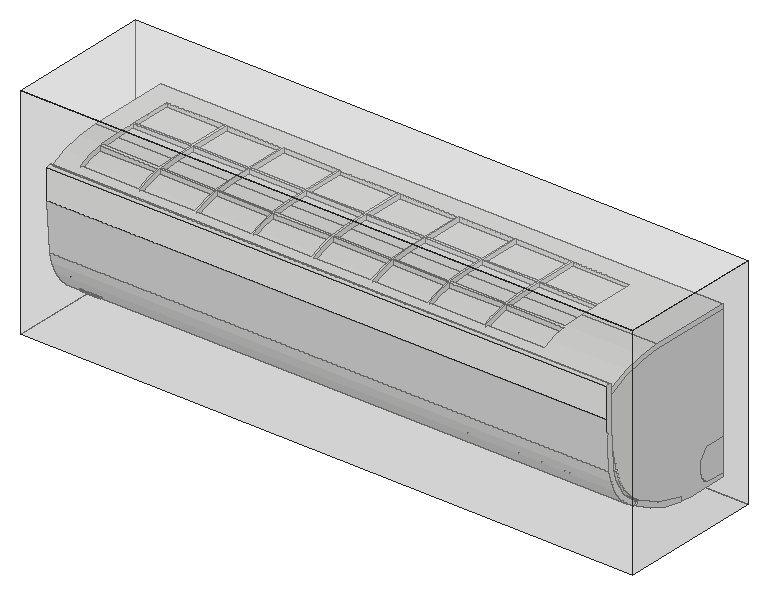
Revit family "outputfile", category 機械設備, Revit 2024
Family settings
  丸型コネクタ寸法 = 半径を使用
  パーツ タイプ = 標準
  OmniClass 番号 = 23.75.10.24.21.27.27
  OmniClass タイトル = Split System Air Conditioning Units
  作業面ベース = いいえ
  常に垂直 = はい
  ロード時にボイドで切り取り = いいえ
  注釈の向きを維持 = いいえ
  共有 = いいえ
  部屋計算ポイント = いいえ
Parameters (values of type "FXAQ40AVMS")
  Description = ""
  製造元 = "Daikin"
  書き出し IFC クラス(タイプ) = "IfcUnitaryEquipmentType"
  定義済み IFC タイプ(タイプ) = "AIRCONDITIONINGUNIT"
  Cost = 0
  モデル = "FXAQ40AVMS"
  Type Comments = ""
  Keynote = ""
  Type Image = (empty or 0)
  Assembly Code = ""
  w3_Indoor air flow = if(Width = 1050.0 mm, 109.0 mm, 1.0 mm)  # 109.0 mm
  w2_Indoor air flow = if(Width = 1050.0 mm, 103.0 mm, 98.0 mm)  # 103.0 mm
  w1_Indoor air flow = if(Width = 1050.0 mm, 108.0 mm, 103.0 mm)  # 108.0 mm
  r_Liquid Pipe Size = Liquid Pipe Size / 2  # 3.2 mm
  r_Gas Pipe Size = Gas Pipe Size / 2  # 6.35 mm
  r_Drain Pipe Size = Drain Pipe Size / 2  # 7.5 mm
  lw_powersupply [instance] = if(Width = 795.0 mm, if(or(Rear Right Connection_refrigerant, Bottom Right Connection_refrigerant), 83.0 mm, if(or(Rear Left Connection_refrigerant, Bottom Left Connection_refrigerant), 740.0 mm, 400.0 mm)), if(Width = 1050.0 mm, if(or(Rear Right Connection_refrigerant, Bottom Right Connection_refrigerant), 83.0 mm, if(or(Rear Left Connection_refrigerant, Bottom Left Connection_refrigerant), 712.0 mm + (1050.0 mm - 795.0 mm), 400.0 mm)), if(or(Rear Right Connection_refrigerant, Bottom Right Connection_refrigerant), 83.0 mm, if(or(Rear Left Connection_refrigerant, Bottom Left Connection_refrigerant), 712.0 mm, 400.0 mm))))  # 400.0 mm
  lw_liquidpipe [instance] = if(Width = 795.0 mm, if(or(Rear Right Connection_refrigerant, Bottom Right Connection_refrigerant), 0.0 mm, if(or(Rear Left Connection_refrigerant, Bottom Left Connection_refrigerant), 627.0 mm, 460.0 mm)), if(Width = 1050.0 mm, if(or(Rear Right Connection_refrigerant, Bottom Right Connection_refrigerant), 0.0 mm, if(or(Rear Left Connection_refrigerant, Bottom Left Connection_refrigerant), 627.0 mm + (1050.0 mm - 795.0 mm), 460.0 mm)), if(or(Rear Right Connection_refrigerant, Bottom Right Connection_refrigerant), 0.0 mm, if(or(Rear Left Connection_refrigerant, Bottom Left Connection_refrigerant), 627.0 mm, 460.0 mm))))  # 460.0 mm
  lw_gaspipe [instance] = if(Width = 795.0 mm, if(or(Rear Right Connection_refrigerant, Bottom Right Connection_refrigerant), 0.0 mm, if(or(Rear Left Connection_refrigerant, Bottom Left Connection_refrigerant), 620.0 mm, 415.0 mm)), if(Width = 1050.0 mm, if(or(Rear Right Connection_refrigerant, Bottom Right Connection_refrigerant), 0.0 mm, if(or(Rear Left Connection_refrigerant, Bottom Left Connection_refrigerant), 620.0 mm + (1050.0 mm - 795.0 mm), 415.0 mm)), if(or(Rear Right Connection_refrigerant, Bottom Right Connection_refrigerant), 0.0 mm, if(or(Rear Left Connection_refrigerant, Bottom Left Connection_refrigerant), 620.0 mm, 415.0 mm))))  # 415.0 mm
  lw_drainpipe [instance] = if(Width = 795.0 mm, if(or(Rear Right Connection_refrigerant, Bottom Right Connection_refrigerant), 0.0 mm, if(or(Rear Left Connection_refrigerant, Bottom Left Connection_refrigerant), 655.0 mm, 475.0 mm)), if(Width = 1050.0 mm, if(or(Rear Right Connection_refrigerant, Bottom Right Connection_refrigerant), 0.0 mm, if(or(Rear Left Connection_refrigerant, Bottom Left Connection_refrigerant), 655.0 mm + (1050.0 mm - 795.0 mm), 475.0 mm)), if(or(Rear Right Connection_refrigerant, Bottom Right Connection_refrigerant), 0.0 mm, if(or(Rear Left Connection_refrigerant, Bottom Left Connection_refrigerant), 655.0 mm, 475.0 mm))))  # 475.0 mm
  l_powersupply_length [instance] = if(Width = 795.0 mm, if(Right Connection_refrigerant, 400.0 mm, if(Left Connection_refrigerant, 395.0 mm, if(or(Rear Left Connection_refrigerant, Rear Right Connection_refrigerant), 15.0 mm, 50.0 mm))), if(Width = 1050.0 mm, if(Right Connection_refrigerant, 400.0 mm, if(Left Connection_refrigerant, 395.0 mm + (1050.0 mm - 795.0 mm), if(or(Rear Left Connection_refrigerant, Rear Right Connection_refrigerant), 15.0 mm, 50.0 mm))), if(Right Connection_refrigerant, 400.0 mm, if(Left Connection_refrigerant, 395.0 mm, if(or(Rear Left Connection_refrigerant, Rear Right Connection_refrigerant), 15.0 mm, 50.0 mm)))))  # 400.0 mm
  l_liquidpipe_length [instance] = if(Width = 795.0 mm, if(Right Connection_refrigerant, 558.0 mm, if(Left Connection_refrigerant, 237.0 mm, if(or(Rear Left Connection_refrigerant, Rear Right Connection_refrigerant), 30.0 mm, 40.0 mm))), if(Width = 1050.0 mm, if(Right Connection_refrigerant, 558.0 mm, if(Left Connection_refrigerant, 237.0 mm + (1050.0 mm - 795.0 mm), if(or(Rear Left Connection_refrigerant, Rear Right Connection_refrigerant), 30.0 mm, 40.0 mm))), if(Right Connection_refrigerant, 558.0 mm, if(Left Connection_refrigerant, 237.0 mm, if(or(Rear Left Connection_refrigerant, Rear Right Connection_refrigerant), 30.0 mm, 40.0 mm)))))  # 558.0 mm
  l_gaspipe_length [instance] = if(Width = 795.0 mm, if(Right Connection_refrigerant, 513.0 mm, if(Left Connection_refrigerant, 282.0 mm, if(or(Rear Left Connection_refrigerant, Rear Right Connection_refrigerant), 40.0 mm, 50.0 mm))), if(Width = 1050.0 mm, if(Right Connection_refrigerant, 513.0 mm, if(Left Connection_refrigerant, 282.0 mm + (1050.0 mm - 795.0 mm), if(or(Rear Left Connection_refrigerant, Rear Right Connection_refrigerant), 40.0 mm, 50.0 mm))), if(Right Connection_refrigerant, 513.0 mm, if(Left Connection_refrigerant, 282.0 mm, if(or(Rear Left Connection_refrigerant, Rear Right Connection_refrigerant), 40.0 mm, 50.0 mm)))))  # 513.0 mm
  l_drainpipe_length [instance] = if(Width = 795.0 mm, if(Right Connection_refrigerant, 573.0 mm, if(Left Connection_refrigerant, 222.0 mm, if(or(Rear Left Connection_refrigerant, Rear Right Connection_refrigerant), 15.0 mm, 20.0 mm))), if(Width = 1050.0 mm, if(Right Connection_refrigerant, 573.0 mm, if(Left Connection_refrigerant, 222.0 mm + (1050.0 mm - 795.0 mm), if(or(Rear Left Connection_refrigerant, Rear Right Connection_refrigerant), 15.0 mm, 20.0 mm))), if(Right Connection_refrigerant, 573.0 mm, if(Left Connection_refrigerant, 477.0 mm, if(or(Rear Left Connection_refrigerant, Rear Right Connection_refrigerant), 15.0 mm, 20.0 mm)))))  # 573.0 mm
  h*** = 0.0 mm  # constant formula
  d1_Indoor air flow = if(Width = 1050.0 mm, 38.0 mm, 35.0 mm)  # 38.0 mm
  angle_vertical [instance] = if(or(Bottom Left Connection_refrigerant, Bottom Right Connection_refrigerant), 0.00°, 90.00°)  # 90.00°
  angle_horizontal [instance] = if(Right Connection_refrigerant, 90.00°, if(Left Connection_refrigerant, -90.00°, if(or(Rear Left Connection_refrigerant, Rear Right Connection_refrigerant), 180.00°, 0.00°)))  # 90.00°
  Width = 1050.0 mm
  Voltage_comment_50Hz = "220-240"
  Voltage_50Hz = 230 V
  Version = "ver.1.0"
  Unit Type = "Wall Mounted Type"
  Unit Mass Weight = 15.00 kg
  Unit Designation [instance] = ""
  Uniclass2015Version = "Products v1.30"
  Uniclass2015Title = "Variable refrigerant flow units"
  Uniclass2015Code = "Pr_70_65_03_94"
  URL = ""
  Total Heating Capacity [instance] = 0.000 kW
  Total Cooling Capacity [instance] = 0.000 kW
  Sound Pressure Level_M speed (dBA) = 0
  Sound Pressure Level_L speed (dBA) = 33.5
  Sound Pressure Level_H speed (dBA) = 37
  Sound Power Level_H speed (dB) = 0
  Series = "VRV Fan Coil Unit"
  Sensible Cooling Capacity [instance] = 0.000 kW
  Refrigerant Type = "R410A"
  Power Input (Heating) = 0.050 kW
  Power Input (Cooling) = 0.050 kW
  Phase_50Hz = 1
  Option Accessory 3 [instance] = ""
  Option Accessory 2 [instance] = ""
  Option Accessory 1 [instance] = ""
  Nominal Heating Capacity = 5.000 kW
  Nominal Cooling Capacity = 4.500 kW
  Minimum Circuit Amps_50Hz = 0.7 A
  Minimum Airflow = 582.00 m³/h
  Median Airflow = 0.00 m³/h
  Maximum Fuse Amps_50Hz = 15.0 A
  Maximum Airflow = 732.00 m³/h
  Material_Casing = DAIKIN_White_Casing_indoorunit
  Load Classification = HVAC
  Liquid Pipe Size = 6.4 mm
  Link_Nested Family [instance] = ""
  IfcVersion = "0"
  IfcExportType = "AIRCONDITIONINGUNIT"
  IfcExportAs = "IfcUnitaryEquipmentType"
  Height = 290.0 mm
  Heating Entering Wet Bulb Temperature [instance] = 0.00 °C
  Heating Entering Dry Bulb Temperature [instance] = 0.00 °C
  Heating Ambient Wet Bulb Temperature [instance] = 0.00 °C
  Heating Ambient Dry Bulb Temperature [instance] = 0.00 °C
  Heat Exchanger Type = "Cross Fin Coil"
  Gas Pipe Size = 12.7 mm
  Frequency_50Hz = 50 Hz
  Fan Type = "Cross Flow Fan"
  Fan Drive = "Direct Drive"
  FCU Tag No. [instance] = ""
  Drain Pipe Size = 15.0 mm
  Design Supply Airflow [instance] = 0.00 m³/h
  Depth = 269.0 mm
  既定の高さ = 0.0 mm
  Cooling Entering Wet Bulb Temperature [instance] = 0.00 °C
  Cooling Entering Dry Bulb Temperature [instance] = 0.00 °C
  Cooling Ambient Wet Bulb Temperature [instance] = 0.00 °C
  Cooling Ambient Dry Bulb Temperature [instance] = 0.00 °C
  Clearance visibility [instance] = yes
  Clearance Top = 90.0 mm
  Clearance Right = 50.0 mm
  Clearance Rear = 0.0 mm
  Clearance Left = 50.0 mm
  Clearance Front = 0.0 mm
  Clearance Bottom = 30.0 mm
  Bottom Right Connection_refrigerant [instance] = no
  Bottom Left Connection_refrigerant [instance] = no
  Rear Right Connection_refrigerant [instance] = no
  Rear Left Connection_refrigerant [instance] = no
  Right Connection_refrigerant [instance] = yes
  Left Connection_refrigerant [instance] = no
Reference planes
  plane 1 "Back": y = 0
  plane 2: z = 0
  plane 3 "Center (Left/Right)": x = 0
  plane 4 "Center (Front/Back)": y = -134.5
  plane 5 "Front": y = -269
  plane 6 "Left": x = -525
  plane 7 "Right": x = 525
  plane 8 "Top": z = 0
  plane 9 "Bottom": z = -290
  plane 10 "Front panel_Left": x = -523
  plane 11 "Front panel_Right": x = 523
  plane 12: x = 389
  plane 13: x = 384
  plane 14: x = -573
  plane 15: x = 573
  plane 16: y = 0
  plane 17: y = -269
  plane 18: z = 90
  plane 19: z = -320
  plane 20: y = -38
  plane 21: y = -114.5
  plane 22: y = -190.5
  plane 23: y = -240
  plane 24: y = -118
  plane 25: y = -194
  plane 26: x = -50
  plane 27: x = -52
  plane 28: x = -48
  plane 29: x = 60
  plane 30: x = -160
  plane 31: x = -163
  plane 32: x = 63
  plane 33: x = -266
  plane 34: x = 166
  plane 35: x = -269
  plane 36: x = 169
  plane 37: x = -372
  plane 38: x = 272
  plane 39: x = -375
  plane 40: x = 275
  plane 41: x = 384
  plane 42: x = -484
  plane 43 "lw_Piping and Wiring intake": x = 427
  plane 44 "lw_gaspipe": x = 12
  plane 45 "lw_liquidpipe": x = -33
  plane 46 "lw_drainpipe": x = -48
  plane 47 "lh_drainpipe": z = -270
  plane 48 "lh_liquidpipe": z = -250
  plane 49 "lh_gaspipe": z = -240
  plane 50 "ld_drainpipe": y = -15
  plane 51 "ld_liquidpipe": y = -30
  plane 52 "ld_gaspipe": y = -40
  plane 53 "lw_powersupply": x = 125
Forms (mm)
  Extrusion 1, solid, material "DAIKIN_White_Casing_indoorunit" <- "Material_Casing"
    sketch origin (0, 0, 0) x (0, 1, 0) y (0, 0, 1)
      loop
        line (0, 0) -> (-153.182, 0)
        arc (-153.182, 0) -> (-207.578, -6.929) -> (-258.5, -27.273) r 216.99
        line (-258.5, -27.273) -> (-258.5, -36.477)
        arc (-258.5, -36.477) -> (-207.732, -15.245) -> (-153.182, -8) r 208.99
        line (-153.182, -8) -> (0, -8) -> (0, 0)
    from -525 to 525
  Extrusion 2, solid, material "DAIKIN_White_Casing_indoorunit" <- "Material_Casing"
    sketch origin (0, 0, 0) x (0, 1, 0) y (0, 0, 1)
      loop
        arc (-153.182, -8) -> (-207.732, -15.245) -> (-258.5, -36.477) r 208.99
        line (-258.5, -36.477) -> (-258.5, -86.08)
        arc (-258.5, -86.08) -> (-255.889, -129.793) -> (-248.094, -172.885) r 367.242
        arc (-248.094, -172.885) -> (-229.647, -212.392) -> (-197.378, -241.715) r 110.72
        arc (-197.378, -241.715) -> (-148.03, -265.605) -> (-95.247, -280.433) r 310.126
        line (-95.247, -280.433) -> (-95.247, -288.232)
        arc (-95.247, -288.232) -> (-84.534, -289.557) -> (-73.748, -290) r 131.592
        line (-73.748, -290) -> (0, -290) -> (0, -8) -> (-153.182, -8)
    from -525 to 525
  Extrusion 3, solid, material "DAIKIN_White_Casing_indoorunit" <- "Material_Casing"
    sketch origin (525, 1296.25, 1200) x (0, 1, 0) y (0, 0, 1)
      loop
        line (-1491.901, -1442.741) -> (-1496.494, -1450.482)
        arc (-1496.494, -1450.482) -> (-1447.058, -1474.911) -> (-1393.497, -1488.023) r 252.452
        line (-1393.497, -1488.023) -> (-1393.497, -1480.051)
        arc (-1393.497, -1480.051) -> (-1444.293, -1465.6) -> (-1491.901, -1442.741) r 310.126
    from 0 to -40.5
  Extrusion 4, solid, material "DAIKIN_White_Casing_indoorunit" <- "Material_Casing"
    sketch origin (0, 0, 0) x (0, 1, 0) y (0, 0, 1)
      loop
        line (-260, -76.896) -> (-260, -19.457) -> (-261.688, -19.457)
        arc (-261.688, -19.457) -> (-265.551, -20.17) -> (-269, -22.048) r 12.48
        line (-269, -22.048) -> (-269, -76.896) -> (-260, -76.896)
    from -523 to 523
  Extrusion 5, solid, material "DAIKIN_White_Casing_indoorunit" <- "Material_Casing"
    sketch origin (0, 0, 0) x (0, 1, 0) y (0, 0, 1)
      loop
        arc (-269, -76.896) -> (-267.342, -121.828) -> (-262.378, -166.517) r 609.735
        line (-262.378, -166.517) -> (-253.471, -165.192)
        arc (-253.471, -165.192) -> (-258.366, -121.165) -> (-260, -76.896) r 600.314
        line (-260, -76.896) -> (-269, -76.896)
    from -523 to 523
  Extrusion 6, solid, material "DAIKIN_White_Casing_indoorunit" <- "Material_Casing"
    sketch origin (0, 0, 0) x (0, 1, 0) y (0, 0, 1)
      loop
        arc (-262.378, -166.517) -> (-243.331, -214.672) -> (-204.947, -249.433) r 114
        line (-204.947, -249.433) -> (-200.324, -241.643)
        arc (-200.324, -241.643) -> (-235.845, -209.638) -> (-253.471, -165.192) r 104.894
        line (-253.471, -165.192) -> (-262.378, -166.517)
    from -523 to 523
  Extrusion 7, solid, material "DAIKIN_White_Casing_indoorunit" <- "Material_Casing"
    sketch origin (-525, 1296.25, 1200) x (0, 1, 0) y (0, 0, 1)
      loop
        arc (-1496.494, -1450.482) -> (-1447.058, -1474.911) -> (-1393.497, -1488.023) r 252.452
        line (-1393.497, -1488.023) -> (-1393.497, -1480.051)
        arc (-1393.497, -1480.051) -> (-1444.293, -1465.6) -> (-1491.901, -1442.741) r 310.126
        line (-1491.901, -1442.741) -> (-1496.494, -1450.482)
    from 0 to 40.5
  Extrusion 8, solid, material "DAIKIN_White_Casing_indoorunit" <- "Material_Casing"
    sketch origin (0, 0, 0) x (0, 1, 0) y (0, 0, 1)
      loop
        arc (-134.549, -280.22) -> (-116.045, -284.826) -> (-97.247, -288.023) r 252.452
        line (-97.247, -288.023) -> (-97.247, -280.051)
        arc (-97.247, -280.051) -> (-114.669, -276.142) -> (-131.838, -271.237) r 310.126
        line (-131.838, -271.237) -> (-134.549, -280.22)
    from -484.5 to 484.5
  Extrusion 9, solid, material "DAIKIN_White_Casing_indoorunit" <- "Material_Casing"
    sketch origin (389, -1524, 1789.769) x (0, 0, 1) y (0, -1, 0)
      loop
        line (-2032.51, -1328.35) -> (-2040.251, -1323.756)
        arc (-2040.251, -1323.756) -> (-2050.358, -1341.058) -> (-2059.061, -1359.107) r 252.452
        line (-2059.061, -1359.107) -> (-2050.603, -1364.126)
        arc (-2050.603, -1364.126) -> (-2042.135, -1345.945) -> (-2032.51, -1328.35) r 310.126
    from 0 to 95.5
  Extrusion 10, solid, material "DAIKIN_White_Casing_indoorunit" <- "Material_Casing"
    sketch origin (389, -1524, 1789.769) x (0, 0, 1) y (0, -1, 0)
      loop
        arc (-2059.061, -1359.107) -> (-2065.01, -1374.104) -> (-2069.989, -1389.451) r 252.452
        line (-2069.989, -1389.451) -> (-2061.006, -1392.162)
        arc (-2061.006, -1392.162) -> (-2056.142, -1378.019) -> (-2050.603, -1364.126) r 310.126
        line (-2050.603, -1364.126) -> (-2059.061, -1359.107)
    from 0 to 95.5
  Extrusion 11, solid, material "DAIKIN_White_Casing_indoorunit" <- "Material_Casing"
    sketch origin (384, -1524, 1089.438) x (0, 0, 1) y (0, -1, 0)
      loop
        arc (-1350.272, -1364.126) -> (-1341.805, -1345.945) -> (-1332.179, -1328.35) r 310.126
        line (-1332.179, -1328.35) -> (-1339.92, -1323.756)
        arc (-1339.92, -1323.756) -> (-1350.027, -1341.058) -> (-1358.73, -1359.107) r 252.452
        line (-1358.73, -1359.107) -> (-1350.272, -1364.126)
    from 0 to -868.5
  Extrusion 12, solid, material "DAIKIN_White_Casing_indoorunit" <- "Material_Casing"
    sketch origin (384, -1524, 1089.438) x (0, 0, 1) y (0, -1, 0)
      loop
        arc (-1360.675, -1392.162) -> (-1355.812, -1378.019) -> (-1350.272, -1364.126) r 310.126
        line (-1350.272, -1364.126) -> (-1358.73, -1359.107)
        arc (-1358.73, -1359.107) -> (-1364.679, -1374.104) -> (-1369.658, -1389.451) r 252.452
        line (-1369.658, -1389.451) -> (-1360.675, -1392.162)
    from 0 to -868.5
  Extrusion 13, void
    sketch origin (0, 0, 0) x (-1, 0, 0) y (0, -1, 0)
      loop
        line (48, 38) -> (48, 114.5) -> (-60, 114.5) -> (-60, 38) -> (48, 38)
      loop
        line (-63, 38) -> (-63, 114.5) -> (-166, 114.5) -> (-166, 38) -> (-63, 38)
      loop
        line (-169, 38) -> (-169, 114.5) -> (-272, 114.5) -> (-272, 38) -> (-169, 38)
      loop
        line (-275, 38) -> (-275, 114.5) -> (-384, 114.5) -> (-384, 38) -> (-275, 38)
      loop
        line (160, 38) -> (160, 114.5) -> (52, 114.5) -> (52, 38) -> (160, 38)
      loop
        line (-275, 118) -> (-275, 190.5) -> (-384, 190.5) -> (-384, 118) -> (-275, 118)
      loop
        line (-275, 194) -> (-275, 240) -> (-384, 240) -> (-384, 194) -> (-275, 194)
      loop
        line (-169, 240) -> (-272, 240) -> (-272, 194) -> (-169, 194) -> (-169, 240)
      loop
        line (-63, 240) -> (-166, 240) -> (-166, 194) -> (-63, 194) -> (-63, 240)
      loop
        line (-60, 194) -> (48, 194) -> (48, 240) -> (-60, 240) -> (-60, 194)
      loop
        line (160, 240) -> (52, 240) -> (52, 194) -> (160, 194) -> (160, 240)
      loop
        line (266, 240) -> (163, 240) -> (163, 194) -> (266, 194) -> (266, 240)
      loop
        line (372, 240) -> (269, 240) -> (269, 194) -> (372, 194) -> (372, 240)
      loop
        line (163, 38) -> (266, 38) -> (266, 114.5) -> (163, 114.5) -> (163, 38)
      loop
        line (269, 38) -> (372, 38) -> (372, 114.5) -> (269, 114.5) -> (269, 38)
      loop
        line (372, 118) -> (372, 190.5) -> (269, 190.5) -> (269, 118) -> (372, 118)
      loop
        line (266, 118) -> (266, 190.5) -> (163, 190.5) -> (163, 118) -> (266, 118)
      loop
        line (160, 118) -> (160, 190.5) -> (52, 190.5) -> (52, 118) -> (160, 118)
      loop
        line (48, 118) -> (48, 190.5) -> (-60, 190.5) -> (-60, 118) -> (48, 118)
      loop
        line (-63, 118) -> (-63, 190.5) -> (-166, 190.5) -> (-166, 118) -> (-63, 118)
      loop
        line (-169, 118) -> (-169, 190.5) -> (-272, 190.5) -> (-272, 118) -> (-169, 118)
      loop
        line (375, 38) -> (484, 38) -> (484, 114.5) -> (375, 114.5) -> (375, 38)
      loop
        line (484, 118) -> (484, 190.5) -> (375, 190.5) -> (375, 118) -> (484, 118)
      loop
        line (484, 240) -> (375, 240) -> (375, 194) -> (484, 194) -> (484, 240)
    from 2 to -30
  Extrusion 14, solid, material "DAIKIN_White_Casing_indoorunit" <- "Material_Casing"
    sketch origin (0, 0, 0) x (1, 0, 0) y (0, 0, 1)
      loop
        circle (427, -246) r 40
      loop
        circle (-465, -246) r 40
    from 0 to 5
  Extrusion 15, solid, material "DAIKIN_White_Casing_indoorunit" <- "Material_Casing"
    sketch origin (525, 1296.25, 1200) x (0, -1, 0) y (0, 0, 1)
      loop
        line (1326.25, -1422) -> (1296.25, -1422) -> (1296.25, -1482) -> (1326.25, -1482)
        arc (1326.25, -1482) -> (1340.393, -1476.142) -> (1346.25, -1462) r 20
        line (1346.25, -1462) -> (1346.25, -1442)
        arc (1346.25, -1442) -> (1340.393, -1427.858) -> (1326.25, -1422) r 20
    from 0 to 5
  Extrusion 16, solid, material "DAIKIN_White_Casing_indoorunit" <- "Material_Casing"
    sketch origin (-525, 1296.25, 1200) x (0, 1, 0) y (0, 0, 1)
      loop
        line (-1296.25, -1422) -> (-1326.25, -1422)
        arc (-1326.25, -1422) -> (-1340.393, -1427.858) -> (-1346.25, -1442) r 20
        line (-1346.25, -1442) -> (-1346.25, -1462)
        arc (-1346.25, -1462) -> (-1340.393, -1476.142) -> (-1326.25, -1482) r 20
        line (-1326.25, -1482) -> (-1296.25, -1482) -> (-1296.25, -1422)
    from 0 to 5
  Extrusion 17, solid, material "DAIKIN_White_Casing_indoorunit" <- "Material_Casing"
    sketch origin (0, 0, -290) x (-1, 0, 0) y (0, -1, 0)
      loop
        line (-397, 0) -> (-397, 30)
        arc (-397, 30) -> (-402.858, 44.142) -> (-417, 50) r 20
        line (-417, 50) -> (-437, 50)
        arc (-437, 50) -> (-451.142, 44.142) -> (-457, 30) r 20
        line (-457, 30) -> (-457, 0) -> (-397, 0)
      loop
        line (495, 0) -> (495, 30)
        arc (495, 30) -> (489.142, 44.142) -> (475, 50) r 20
        line (475, 50) -> (455, 50)
        arc (455, 50) -> (440.858, 44.142) -> (435, 30) r 20
        line (435, 30) -> (435, 0) -> (495, 0)
    from 0 to 5
Cuts and joins
  joined: Extrusion 4, Extrusion 5, Extrusion 6
  joined: Extrusion 3, Extrusion 7, Extrusion 8
  Extrusion 13 cuts Extrusion 1
Lines and regions (mm)
  reference lines
    curve 1: line (-523, -230.394, -229.966) -> (-523, -223.117, -236.824)
Dimensions and locks
  equal spacing: plane 6 "Left", plane 3 "Center (Left/Right)", plane 7 "Right"
  "Width": plane 6 "Left" to plane 7 "Right"
  equal spacing: plane 5 "Front", plane 4 "Center (Front/Back)", plane 1 "Back"
  "Depth": plane 5 "Front" to plane 1 "Back"
  "Height": plane 8 "Top" to plane 9 "Bottom"
  locked: Extrusion 1 sketch curve to Extrusion 1 sketch curve at 8
  locked: Extrusion 2 sketch curve to plane 1 "Back" at 73.748
  locked: Extrusion 3 sketch curve to plane 1 "Back" at 97.247
  locked: Extrusion 4 sketch curve to Extrusion 4 sketch curve at 9
  locked: plane 8 "Top" to Extrusion 4 sketch curve at 19.457
  locked: plane 5 "Front" to Extrusion 6 sketch curve at 6.622
  locked: plane 5 "Front" to Extrusion 6 sketch curve at 15.529
  locked: plane 10 "Front panel_Left" to plane 6 "Left" at 2
  locked: plane 7 "Right" to plane 11 "Front panel_Right" at 2
  locked: cut or joined group of Extrusion 3, Extrusion 7, Extrusion 8 to Extrusion 9 sketch curve at 40
  locked: plane 7 "Right" to plane 12 at 136
  locked: plane 12 to plane 13 at 5
  "Clearance Left": plane 14 to plane 10 "Front panel_Left"
  "Clearance Right": plane 11 "Front panel_Right" to plane 15
  "Clearance Rear": plane 16 to plane 1 "Back"
  "Clearance Front": plane 17 to plane 5 "Front"
  "Clearance Top": plane 18 to plane 8 "Top"
  "Clearance Bottom": plane 9 "Bottom" to plane 19
  locked: nested 2 to plane 10 "Front panel_Left" at 50
  "d1_Indoor air flow": plane 20 to plane 1 "Back"
  locked: plane 20 to plane 21 at 76.5
  locked: plane 21 to plane 24 at 3.5
  locked: plane 24 to plane 22 at 72.5
  locked: plane 22 to plane 25 at 3.5
  locked: plane 25 to plane 23 at 46
  locked: plane 26 to plane 3 "Center (Left/Right)" at 50
  equal spacing: plane 27, plane 26, plane 28
  locked: plane 27 to plane 28 at 4
  "w1_Indoor air flow": plane 28 to plane 29
  "w1_Indoor air flow": plane 30 to plane 27
  locked: plane 31 to plane 30 at 3
  locked: plane 29 to plane 32 at 3
  "w2_Indoor air flow": plane 33 to plane 31
  "w2_Indoor air flow": plane 32 to plane 34
  locked: plane 35 to plane 33 at 3
  locked: plane 34 to plane 36 at 3
  locked: plane 37 to plane 35 at 103
  locked: plane 36 to plane 38 at 103
  locked: plane 39 to plane 37 at 3
  locked: plane 38 to plane 40 at 3
  "w3_Indoor air flow": plane 40 to plane 41
  "w3_Indoor air flow": plane 42 to plane 39
  locked: plane 9 "Bottom" to Extrusion 14 sketch curve at 44  (x2)
  locked: Extrusion 14 sketch curve to plane 6 "Left" at 60
  locked: plane 7 "Right" to Extrusion 14 sketch curve at 98
  locked: plane 43 "lw_Piping and Wiring intake" to plane 7 "Right" at 98
  "lw_gaspipe": plane 44 "lw_gaspipe" to plane 43 "lw_Piping and Wiring intake"
  "lw_liquidpipe": plane 45 "lw_liquidpipe" to plane 43 "lw_Piping and Wiring intake"
  "lw_drainpipe": plane 46 "lw_drainpipe" to plane 43 "lw_Piping and Wiring intake"
  locked: plane 47 "lh_drainpipe" to plane 9 "Bottom" at 20
  locked: plane 48 "lh_liquidpipe" to plane 9 "Bottom" at 40
  locked: plane 49 "lh_gaspipe" to plane 9 "Bottom" at 50
  locked: plane 50 "ld_drainpipe" to plane 1 "Back" at 15
  locked: plane 1 "Back" to plane 51 "ld_liquidpipe" at 30
  locked: plane 1 "Back" to plane 52 "ld_gaspipe" at 40
  Extrusion 15 sketch curve to Extrusion 15 sketch curve to plane 9 "Bottom" = 60.0 mm locked, 8.0 mm locked
  locked: Extrusion 15 sketch curve to Extrusion 15 sketch curve at 50
  locked: Extrusion 17 sketch curve to Extrusion 17 sketch curve at 60  (x2)
  locked: Extrusion 17 sketch curve to Extrusion 17 sketch curve at 50
  locked: Extrusion 17 sketch curve to plane 43 "lw_Piping and Wiring intake" at 30
  locked: plane 6 "Left" to Extrusion 17 sketch curve at 30
  "lw_powersupply": plane 53 "lw_powersupply" to plane 7 "Right"
  radius of Extrusion 5 sketch curve = 609.735 mm
  radius of Extrusion 5 sketch curve = 600.314 mm
  aligned and locked: level to plane 2
  aligned and locked: plane 8 "Top" to Extrusion 1 sketch curve
  aligned and locked: plane 1 "Back" to Extrusion 1 sketch curve
  aligned and locked: Extrusion 1 to plane 6 "Left"
  aligned and locked: plane 7 "Right" to Extrusion 1
  aligned and locked: Extrusion 2 sketch curve to Extrusion 1
  aligned and locked: Extrusion 1 to Extrusion 2 sketch curve
  aligned and locked: plane 1 "Back" to Extrusion 2 sketch curve
  aligned and locked: Extrusion 2 sketch curve to plane 9 "Bottom"
  aligned and locked: Extrusion 2 to plane 6 "Left"
  aligned and locked: plane 7 "Right" to Extrusion 2
  aligned and locked: Extrusion 3 sketch curve to Extrusion 2
  aligned and locked: plane 5 "Front" to Extrusion 4 sketch curve
  aligned and locked: Extrusion 5 sketch curve to Extrusion 4
  aligned and locked: Extrusion 6 sketch curve to Extrusion 5
  aligned and locked: cut or joined group of Extrusion 4, Extrusion 5, Extrusion 6 to plane 11 "Front panel_Right"  (x3)
  aligned and locked: plane 10 "Front panel_Left" to cut or joined group of Extrusion 4, Extrusion 5, Extrusion 6  (x3)
  aligned and locked: Extrusion 7 sketch curve to Extrusion 3  (x4)
  aligned and locked: Extrusion 8 sketch curve to Extrusion 3  (x3)
  aligned and locked: Extrusion 8 to Extrusion 3
  aligned and locked: Extrusion 8 to Extrusion 7
  aligned and locked: Extrusion 9 sketch curve to cut or joined group of Extrusion 3, Extrusion 7, Extrusion 8  (x3)
  aligned and locked: Extrusion 10 sketch curve to cut or joined group of Extrusion 3, Extrusion 7, Extrusion 8  (x3)
  aligned and locked: Extrusion 10 sketch curve to Extrusion 9
  aligned and locked: Extrusion 9 to cut or joined group of Extrusion 3, Extrusion 7, Extrusion 8
  aligned and locked: Extrusion 10 to cut or joined group of Extrusion 3, Extrusion 7, Extrusion 8
  aligned and locked: Extrusion 11 sketch curve to Extrusion 9  (x4)
  aligned and locked: Extrusion 11 to cut or joined group of Extrusion 3, Extrusion 7, Extrusion 8
  aligned and locked: Extrusion 12 sketch curve to Extrusion 10  (x4)
  aligned and locked: Extrusion 12 to cut or joined group of Extrusion 3, Extrusion 7, Extrusion 8
  aligned and locked: plane 16 to nested 1
  aligned and locked: nested 1 to plane 17
  aligned and locked: plane 14 to nested 1
  aligned and locked: plane 15 to nested 1
  aligned and locked: plane 19 to nested 1
  aligned and locked: plane 18 to nested 1
  aligned and locked: nested 2 to curve 1
  aligned and locked: Extrusion 13 sketch curve to plane 20  (x5)
  aligned and locked: plane 28 to Extrusion 13 sketch curve  (x2)
  aligned and locked: plane 21 to Extrusion 13 sketch curve  (x5)
  aligned and locked: Extrusion 13 sketch curve to plane 29  (x2)
  aligned and locked: plane 32 to Extrusion 13 sketch curve  (x2)
  aligned and locked: Extrusion 13 sketch curve to plane 34  (x2)
  aligned and locked: plane 36 to Extrusion 13 sketch curve  (x2)
  aligned and locked: Extrusion 13 sketch curve to plane 38  (x2)
  aligned and locked: plane 40 to Extrusion 13 sketch curve  (x3)
  aligned and locked: Extrusion 13 sketch curve to plane 41  (x3)
  aligned and locked: plane 30 to Extrusion 13 sketch curve  (x2)
  aligned and locked: Extrusion 13 sketch curve to plane 27  (x2)
  aligned and locked: Extrusion 13 sketch curve to plane 24  (x8)
  aligned and locked: plane 22 to Extrusion 13 sketch curve  (x8)
  aligned and locked: Extrusion 13 sketch curve to plane 25
  aligned and locked: plane 23 to Extrusion 13 sketch curve
  aligned and locked: Extrusion 13 sketch curve to plane 23  (x7)
  aligned and locked: Extrusion 13 sketch curve to plane 36
  aligned and locked: plane 25 to Extrusion 13 sketch curve  (x7)
  aligned and locked: plane 38 to Extrusion 13 sketch curve
  aligned and locked: Extrusion 13 sketch curve to plane 32
  aligned and locked: plane 34 to Extrusion 13 sketch curve
  aligned and locked: plane 29 to Extrusion 13 sketch curve
  aligned and locked: Extrusion 13 sketch curve to plane 28
  aligned and locked: Extrusion 13 sketch curve to plane 30
  aligned and locked: plane 27 to Extrusion 13 sketch curve
  aligned and locked: Extrusion 13 sketch curve to plane 33  (x2)
  aligned and locked: plane 31 to Extrusion 13 sketch curve  (x2)
  aligned and locked: Extrusion 13 sketch curve to plane 37  (x2)
  aligned and locked: plane 35 to Extrusion 13 sketch curve  (x2)
  aligned and locked: plane 20 to Extrusion 13 sketch curve  (x3)
  aligned and locked: Extrusion 13 sketch curve to plane 21  (x3)
  aligned and locked: plane 37 to Extrusion 13 sketch curve
  aligned and locked: Extrusion 13 sketch curve to plane 35
  aligned and locked: plane 33 to Extrusion 13 sketch curve
  aligned and locked: Extrusion 13 sketch curve to plane 31
  aligned and locked: plane 39 to Extrusion 13 sketch curve  (x2)
  aligned and locked: Extrusion 13 sketch curve to plane 42  (x2)
  aligned and locked: plane 42 to Extrusion 13 sketch curve
  aligned and locked: Extrusion 13 sketch curve to plane 39
  aligned and locked: plane 1 "Back" to Extrusion 15 sketch curve
  aligned and locked: Extrusion 16 sketch curve to Extrusion 15  (x4)
  aligned and locked: Extrusion 17 sketch curve to Extrusion 17 sketch curve  (x2)
  aligned and locked: plane 1 "Back" to Extrusion 17 sketch curve
  aligned and locked: plane 44 "lw_gaspipe" to nested 3
  aligned and locked: nested 3 to plane 52 "ld_gaspipe"
  aligned and locked: plane 45 "lw_liquidpipe" to nested 4
  aligned and locked: nested 4 to plane 51 "ld_liquidpipe"
  aligned and locked: plane 46 "lw_drainpipe" to nested 5
  aligned and locked: nested 5 to plane 50 "ld_drainpipe"
  aligned and locked: nested 6 to plane 50 "ld_drainpipe"
  aligned and locked: plane 53 "lw_powersupply" to nested 6
  aligned and locked: level to plane 8 "Top"
Automatic sketch dimensions
  Extrusion 1 sketch curve to plane 8 "Top" = 0.0 mm
  Extrusion 1 sketch curve to plane 4 "Center (Front/Back)" = 18.682 mm
  Extrusion 1 sketch curve to Extrusion 1 sketch curve = 9.205 mm
  Extrusion 1 sketch curve to Extrusion 1 sketch curve = 0.0 mm  (x3)
  Extrusion 1 sketch curve to plane 5 "Front" = 10.5 mm
  Extrusion 2 sketch curve to plane 4 "Center (Front/Back)" = 6.011 mm
  plane 9 "Bottom" to Extrusion 2 sketch curve = 9.567 mm
  Extrusion 2 sketch curve to Extrusion 2 sketch curve = 21.499 mm
  plane 1 "Back" to Extrusion 2 sketch curve = 38.095 mm
  Extrusion 2 sketch curve to plane 8 "Top" = 86.08 mm
  Extrusion 2 sketch curve to Extrusion 2 sketch curve = 7.799 mm
  Extrusion 2 sketch curve to Extrusion 2 sketch curve = 11.695 mm
  plane 8 "Top" to Extrusion 2 sketch curve = 24.382 mm
  Extrusion 2 sketch curve to Extrusion 2 sketch curve = 0.0 mm  (x2)
  Extrusion 4 sketch curve to Extrusion 4 sketch curve = 1.688 mm
  Extrusion 4 sketch curve to plane 5 "Front" = 7.618 mm
  Extrusion 4 sketch curve to Extrusion 4 sketch curve = 12.476 mm
  Extrusion 4 sketch curve to Extrusion 4 sketch curve = 44.963 mm
  Extrusion 5 sketch curve to Extrusion 5 sketch curve = 0.421 mm
  Extrusion 5 sketch curve to plane 5 "Front" = 6.622 mm
  Extrusion 5 sketch curve to Extrusion 5 sketch curve = 8.907 mm
  Extrusion 5 sketch curve to plane 5 "Front" = 0.0 mm
  plane 9 "Bottom" to Extrusion 6 sketch curve = 40.567 mm
  Extrusion 6 sketch curve to Extrusion 6 sketch curve = 4.622 mm
  Extrusion 6 sketch curve to Extrusion 6 sketch curve = 0.102 mm
  Extrusion 6 sketch curve to Extrusion 6 sketch curve = 0.003 mm
  Extrusion 6 sketch curve to Extrusion 6 sketch curve = 48.524 mm
  Extrusion 6 sketch curve to Extrusion 6 sketch curve = 50.607 mm
  plane 9 "Bottom" to Extrusion 3 sketch curve = 47.259 mm
  Extrusion 3 sketch curve to Extrusion 3 sketch curve = 4.593 mm
  plane 1 "Back" to Extrusion 3 sketch curve = 64.356 mm
  plane 9 "Bottom" to Extrusion 3 sketch curve = 1.977 mm
  Extrusion 3 sketch curve to Extrusion 3 sketch curve = 7.741 mm
  plane 4 "Center (Front/Back)" to Extrusion 8 sketch curve = 2.662 mm
  Extrusion 8 sketch curve to plane 4 "Center (Front/Back)" = 0.049 mm
  plane 9 "Bottom" to curve 1 = 53.176 mm
  curve 1 to plane 5 "Front" = 45.883 mm
  curve 1 to curve 1 = 6.859 mm
  curve 1 to curve 1 = 7.277 mm
  Extrusion 15 sketch curve to plane 51 "ld_liquidpipe" = 0.0 mm  (x2)
  Extrusion 17 sketch curve to plane 51 "ld_liquidpipe" = 0.0 mm  (x4)
  radius of Extrusion 14 sketch curve = 40.0 mm  (x2)
Nested families
  nested 1: "daikin_clearancespace" at (0, -134.5, -114.881), show <- "Clearance visibility", visible <- "Clearance visibility", Link_Nested Family <- "Link_Nested Family", type "daikin_clearancespace"
    with width 1146.0 mm, show yes, height 410.0 mm, depth 269.0 mm, Link_Nested Family ""
  nested 2: "daikin_logo_plane_w40" at (-473, -230.722, -229.657) x (1, 0, 0) z (0, -0.6859, -0.7277), type "daikin_logo_plane_w40"
    with show_logo yes
  nested 3: "daikin_connector_rotate3" at (12, -40, -240), angle_vertical <- "angle_vertical", angle_horizontal <- "angle_horizontal", length <- "l_gaspipe_length", radius <- "r_Gas Pipe Size", type "daikin_connector_rotate3"
    with show no, radius 6.35 mm, length 513.0 mm, angle_vertical 90.00°, angle_horizontal 90.00°
  nested 4: "daikin_connector_rotate3" at (-33, -30, -250), angle_vertical <- "angle_vertical", angle_horizontal <- "angle_horizontal", radius <- "r_Liquid Pipe Size", length <- "l_liquidpipe_length", type "daikin_connector_rotate3"
    with show no, radius 3.2 mm, length 558.0 mm, angle_vertical 90.00°, angle_horizontal 90.00°
  nested 5: "daikin_connector_rotate3" at (-48, -15, -270), angle_vertical <- "angle_vertical", angle_horizontal <- "angle_horizontal", length <- "l_drainpipe_length", radius <- "r_Drain Pipe Size", type "daikin_connector_rotate3"
    with show no, radius 7.5 mm, length 573.0 mm, angle_vertical 90.00°, angle_horizontal 90.00°
  nested 6: "daikin_connector_rotate3" at (125, -15, -240), angle_vertical <- "angle_vertical", angle_horizontal <- "angle_horizontal", length <- "l_powersupply_length", type "daikin_connector_rotate3"
    with show no, radius 10.0 mm, length 400.0 mm, angle_vertical 90.00°, angle_horizontal 90.00°
Connectors
  piping at (525, -40, -240), diameter 12.7, driven by "r_Gas Pipe Size"
    settings: on nested 3, index 1, connector inside diameter 609.6 mm, connector length 0.0 mm, flow factor 0, pipe flow 0.00 m³/h, pressure drop 0.0 Pa, fitting loss kfactor 0, connector angle 0.00°, fixture units 0, engagement length 0.0 mm, angle of deflection 0.00°, flow configuration 1, flow direction 2, fitting loss method 0, system type 29, joint type 0, gender type 0, connector reference index -1, connector utility 0, adjustable connector no, is connector primary yes, connector description "Refrigerant Gas Piping"
  piping at (525, -30, -250), diameter 6.4, driven by "r_Liquid Pipe Size"
    settings: on nested 4, index 2, connector inside diameter 609.6 mm, connector length 0.0 mm, flow factor 0, pipe flow 0.00 m³/h, pressure drop 0.0 Pa, fitting loss kfactor 0, connector angle 0.00°, fixture units 0, engagement length 0.0 mm, angle of deflection 0.00°, flow configuration 1, flow direction 1, fitting loss method 0, system type 29, joint type 0, gender type 0, connector reference index -1, connector utility 0, adjustable connector no, is connector primary no, connector description "Refrigerant Liquid Piping"
  piping at (525, -15, -270), diameter 15, driven by "r_Drain Pipe Size"
    settings: on nested 5, index 3, connector inside diameter 609.6 mm, connector length 0.0 mm, flow factor 0, pipe flow 0.00 m³/h, pressure drop 0.0 Pa, fitting loss kfactor 0, connector angle 0.00°, fixture units 0, engagement length 0.0 mm, angle of deflection 0.00°, flow configuration 1, flow direction 2, fitting loss method 4, system type 16, joint type 0, gender type 0, connector reference index -1, connector utility 0, adjustable connector no, is connector primary no, connector description "Condensate Drain Piping"
  electrical at (525, -15, -240), driven by "Load Classification"
    settings: on nested 6, index 4, voltage 0 V, apparent load 0 VA, apparent load phase1 0 VA, apparent load phase2 0 VA, apparent load phase3 0 VA, power factor 1, load classification "HVAC", number of poles 1, system type 30, power factor state 1, is connector primary yes, connector utility no, sub classification motor no, connector description "Power Supply"
Definition of nested family "daikin_clearancespace"
  Parameters (values of type "daikin_clearancespace")
    Description = "daikin_clearancespace"
    width [instance] = 1823.963 mm
    show [instance] = yes
    material = none
    height [instance] = 1359.762 mm
    depth [instance] = 880.0 mm
    Default Elevation = 0.0 mm
    Link_Nested Family [instance] = ""
  Reference planes
    plane 1 "Center (Front/Back)": y = 0
    plane 2 "Center (Elevation)": z = -0.119
    plane 3 "Center (Left/Right)": x = 0
    plane 4: y = 440
    plane 5: y = -440
    plane 6 "Right": x = 911.982
    plane 7 "Left": x = -911.982
    plane 8 "Top": z = 679.762
    plane 9 "Bottom": z = -680
  Forms (mm)
    Extrusion 1, solid, material <- "material", visible <- "show"
      sketch origin (0, 0, 0) x (1, 0, 0) y (0, 1, 0)
        loop
          line (-911.982, 440) -> (-911.982, -440) -> (911.982, -440) -> (911.982, 440) -> (-911.982, 440)
      from -680 to 679.762
  Lines and regions (mm)
    symbolic lines, visible <- "show"
      curve 1: line (911.982, 440, 0) -> (-911.982, 440, 0)
      curve 2: line (-911.982, 440, 0) -> (-911.982, -440, 0)
      curve 3: line (-911.982, -440, 0) -> (911.982, -440, 0)
      curve 4: line (911.982, -440, 0) -> (911.982, 440, 0)
      curve 5: line (911.982, 0, 679.762) -> (-911.982, 0, 679.762)
      curve 6: line (911.982, 0, -680) -> (911.982, 0, 679.762)
      curve 7: line (-911.982, 0, -680) -> (911.982, 0, -680)
      curve 8: line (-911.982, 0, 679.762) -> (-911.982, 0, -680)
      curve 9: line (0, 440, 679.762) -> (0, -440, 679.762)
      curve 10: line (0, -440, 679.762) -> (0, -440, -680)
      curve 11: line (0, 440, -680) -> (0, 440, 679.762)
      curve 12: line (0, -440, -680) -> (0, 440, -680)
  Dimensions and locks
    "width": plane 7 "Left" to plane 6 "Right"
    "depth": plane 4 to plane 5
    "height": plane 8 "Top" to plane 9 "Bottom"
    equal spacing: plane 7 "Left", plane 3 "Center (Left/Right)", plane 6 "Right"
    equal spacing: plane 4, plane 1 "Center (Front/Back)", plane 5
    equal spacing: plane 8 "Top", plane 2 "Center (Elevation)", plane 9 "Bottom"
    aligned and locked: level to plane 2 "Center (Elevation)"
    aligned and locked: Extrusion 1 sketch curve to plane 4
    aligned and locked: plane 7 "Left" to Extrusion 1 sketch curve
    aligned and locked: Extrusion 1 sketch curve to plane 5
    aligned and locked: Extrusion 1 sketch curve to plane 6 "Right"
    aligned and locked: plane 8 "Top" to Extrusion 1
    aligned and locked: curve 1 to Extrusion 1
    aligned and locked: curve 2 to Extrusion 1
    aligned and locked: curve 3 to Extrusion 1
    aligned and locked: curve 4 to Extrusion 1
    aligned and locked: curve 5 to Extrusion 1
    aligned and locked: curve 6 to Extrusion 1
    aligned and locked: curve 7 to Extrusion 1
    aligned and locked: curve 8 to Extrusion 1
    aligned and locked: curve 9 to Extrusion 1
    aligned and locked: curve 10 to Extrusion 1
    aligned and locked: curve 11 to Extrusion 1
    aligned and locked: curve 12 to Extrusion 1
    aligned and locked: Extrusion 1 to plane 9 "Bottom"
Definition of nested family "daikin_logo_plane_w40"
  Parameters (values of type "daikin_logo_plane_w40")
    width = 40.0 mm
    show_logo [instance] = yes
    material = none
    height = 0.0 mm
    depth = 0.0 mm
    Default Elevation = 1219.2 mm
  Reference planes
    plane 1 "Center (Front/Back)": y = 0
    plane 2: z = 0
    plane 3 "Center (Left/Right)": x = 0
    plane 4: z = 2
    plane 5 "left": x = -19
    plane 6: x = 19
  Forms (mm)
    Extrusion 1, solid, visible <- "show_logo"
      sketch origin (-19, 0, 0) x (1, 0, 0) y (0, 1, 0)
        loop
          line (8.902, -1.878) -> (7.789, -6.332) -> (11.13, -6.332)
          arc (11.13, -6.332) -> (12.454, -6.064) -> (13.472, -5.176) r 2.642
          arc (13.472, -5.176) -> (13.92, -4.02) -> (13.767, -2.79) r 2.537
          arc (13.767, -2.79) -> (13.452, -2.342) -> (12.982, -2.06) r 1.321
          arc (12.982, -2.06) -> (12.063, -1.902) -> (11.13, -1.878) r 6.479
          line (11.13, -1.878) -> (8.902, -1.878)
        loop
          line (10.016, -5.441) -> (10.907, -5.441)
          arc (10.907, -5.441) -> (11.591, -4.983) -> (11.988, -4.261) r 1.742
          spline (11.988, -4.261) -> (12.01, -4.155) -> (12.027, -4.03) -> (12.037, -3.893) -> (12.037, -3.747) -> (12.026, -3.598) -> (12.002, -3.451) -> (11.962, -3.31) -> (11.905, -3.181) -> (11.829, -3.069) -> (11.731, -2.978) -> (11.61, -2.913) -> (11.464, -2.88)
          line (11.464, -2.88) -> (10.573, -2.88) -> (10.016, -5.441)
        loop
          line (13.58, -6.332) -> (14.805, -6.332) -> (15.223, -5.553) -> (16.977, -5.553) -> (17.144, -6.332) -> (19.149, -6.332) -> (18.258, -1.878) -> (16.03, -1.878) -> (13.58, -6.332)
        loop
          line (16.476, -3.214) -> (15.76, -4.551) -> (16.762, -4.551) -> (16.476, -3.214)
        loop
          line (19.705, -6.332) -> (21.599, -6.332) -> (22.712, -1.878) -> (20.819, -1.878) -> (19.705, -6.332)
        loop
          line (22.712, -6.332) -> (24.606, -6.332) -> (24.908, -5.122) -> (25.831, -6.332) -> (28.17, -6.332) -> (26.388, -3.994) -> (28.949, -1.878) -> (26.945, -1.878) -> (25.401, -3.153) -> (25.719, -1.878) -> (23.826, -1.878) -> (22.712, -6.332)
        loop
          line (29.84, -1.878) -> (28.615, -6.332) -> (30.62, -6.332) -> (31.734, -1.878) -> (29.84, -1.878)
        loop
          line (31.734, -6.332) -> (33.07, -6.332) -> (33.7, -3.814) -> (34.518, -6.332) -> (36.745, -6.332) -> (37.859, -1.878) -> (36.523, -1.878) -> (35.845, -4.589) -> (34.963, -1.878) -> (32.847, -1.878) -> (31.734, -6.332)
      from 0 to 2
    Extrusion 2, solid, visible <- "show_logo"
      sketch origin (-19, 0, 0) x (1, 0, 0) y (0, 1, 0)
        loop
          line (8.7, 0) -> (4.235, 0) -> (0, -3.879) -> (0, -8) -> (8.7, 0)
      from 0 to 2
    Extrusion 3, solid, visible <- "show_logo"
      sketch origin (-19, 0, 0) x (1, 0, 0) y (0, 1, 0)
        loop
          line (0, 0) -> (0, -3.879) -> (4.235, 0) -> (0, 0)
      from 0 to 2
  Dimensions and locks
    plane 4 to plane 2 = 2.0 mm
    equal spacing: plane 5 "left", plane 3 "Center (Left/Right)", plane 6
    locked: plane 5 "left" to plane 6 at 38
    aligned and locked: level to plane 2
    aligned and locked: Extrusion 3 to plane 1 "Center (Front/Back)"  (x2)
    aligned and locked: Extrusion 2 to plane 1 "Center (Front/Back)"  (x2)
    aligned and locked: plane 4 to Extrusion 1
    aligned and locked: plane 4 to Extrusion 3
    aligned and locked: plane 4 to Extrusion 2
    aligned and locked: Extrusion 3 to plane 5 "left"
    aligned and locked: Extrusion 2 to plane 5 "left"
  Automatic sketch dimensions
    Extrusion 1 sketch curve to Extrusion 1 sketch curve = 0.901 mm
    Extrusion 1 sketch curve to Extrusion 1 sketch curve = 1.559 mm
    Extrusion 1 sketch curve to Extrusion 1 sketch curve = 1.327 mm
    Extrusion 1 sketch curve to Extrusion 1 sketch curve = 2.145 mm
    Extrusion 1 sketch curve to Extrusion 1 sketch curve = 1.448 mm
    Extrusion 1 sketch curve to Extrusion 1 sketch curve = 2.116 mm
    Extrusion 1 sketch curve to Extrusion 1 sketch curve = 1.114 mm  (x4)
    Extrusion 1 sketch curve to Extrusion 1 sketch curve = 1.336 mm  (x2)
    plane 1 "Center (Front/Back)" to Extrusion 1 sketch curve = 1.878 mm  (x5)
    Extrusion 1 sketch curve to Extrusion 1 sketch curve = 1.893 mm  (x5)
    Extrusion 1 sketch curve to Extrusion 1 sketch curve = 0.891 mm  (x4)
    Extrusion 1 sketch curve to Extrusion 1 sketch curve = 2.005 mm  (x3)
    Extrusion 1 sketch curve to Extrusion 1 sketch curve = 0.445 mm  (x2)
    plane 1 "Center (Front/Back)" to Extrusion 1 sketch curve = 3.994 mm
    Extrusion 1 sketch curve to Extrusion 1 sketch curve = 0.557 mm  (x2)
    Extrusion 1 sketch curve to Extrusion 1 sketch curve = 2.339 mm  (x2)
    Extrusion 1 sketch curve to Extrusion 1 sketch curve = 1.225 mm  (x3)
    plane 1 "Center (Front/Back)" to Extrusion 1 sketch curve = 3.153 mm
    Extrusion 1 sketch curve to Extrusion 1 sketch curve = 0.987 mm
    plane 1 "Center (Front/Back)" to Extrusion 1 sketch curve = 5.122 mm
    Extrusion 1 sketch curve to Extrusion 1 sketch curve = 0.922 mm
    plane 1 "Center (Front/Back)" to Extrusion 1 sketch curve = 6.332 mm
    Extrusion 1 sketch curve to Extrusion 1 sketch curve = 2.562 mm
    plane 1 "Center (Front/Back)" to Extrusion 1 sketch curve = 5.553 mm
    Extrusion 1 sketch curve to Extrusion 1 sketch curve = 0.167 mm
    Extrusion 1 sketch curve to Extrusion 1 sketch curve = 0.215 mm
    plane 1 "Center (Front/Back)" to Extrusion 1 sketch curve = 3.214 mm
    Extrusion 1 sketch curve to Extrusion 1 sketch curve = 0.286 mm
    plane 1 "Center (Front/Back)" to Extrusion 1 sketch curve = 4.551 mm
    Extrusion 1 sketch curve to Extrusion 1 sketch curve = 1.002 mm
    Extrusion 1 sketch curve to Extrusion 1 sketch curve = 0.537 mm
    Extrusion 1 sketch curve to Extrusion 1 sketch curve = 0.418 mm
    Extrusion 1 sketch curve to Extrusion 1 sketch curve = 1.028 mm
    plane 1 "Center (Front/Back)" to Extrusion 1 sketch curve = 4.261 mm
    Extrusion 1 sketch curve to Extrusion 1 sketch curve = 0.563 mm
    plane 1 "Center (Front/Back)" to Extrusion 1 sketch curve = 2.88 mm
    Extrusion 1 sketch curve to Extrusion 1 sketch curve = 1.088 mm
    Extrusion 1 sketch curve to Extrusion 1 sketch curve = 2.152 mm
    Extrusion 1 sketch curve to Extrusion 1 sketch curve = 0.586 mm
    Extrusion 1 sketch curve to Extrusion 1 sketch curve = 0.118 mm
    Extrusion 1 sketch curve to Extrusion 1 sketch curve = 0.298 mm
    Extrusion 1 sketch curve to Extrusion 1 sketch curve = 0.334 mm
    Extrusion 1 sketch curve to Extrusion 1 sketch curve = 0.223 mm
    Extrusion 1 sketch curve to Extrusion 1 sketch curve = 0.266 mm
    Extrusion 1 sketch curve to Extrusion 1 sketch curve = 1.671 mm
    Extrusion 1 sketch curve to Extrusion 1 sketch curve = 2.227 mm
    Extrusion 1 sketch curve to Extrusion 1 sketch curve = 0.0 mm  (x7)
    Extrusion 1 sketch curve to Extrusion 1 sketch curve = 3.453 mm
    Extrusion 1 sketch curve to Extrusion 1 sketch curve = 2.017 mm
    Extrusion 1 sketch curve to Extrusion 1 sketch curve = 0.78 mm  (x2)
    Extrusion 1 sketch curve to Extrusion 1 sketch curve = 1.743 mm
    Extrusion 1 sketch curve to Extrusion 1 sketch curve = 0.775 mm
    Extrusion 1 sketch curve to Extrusion 1 sketch curve = 0.552 mm
    Extrusion 1 sketch curve to Extrusion 1 sketch curve = 0.014 mm
    Extrusion 1 sketch curve to Extrusion 1 sketch curve = 0.952 mm
    Extrusion 1 sketch curve to Extrusion 1 sketch curve = 1.215 mm
    Extrusion 1 sketch curve to Extrusion 1 sketch curve = 0.108 mm
    plane 1 "Center (Front/Back)" to Extrusion 2 sketch curve = 0.0 mm
    Extrusion 2 sketch curve to plane 3 "Center (Left/Right)" = 19.0 mm
    Extrusion 2 sketch curve to plane 3 "Center (Left/Right)" = 14.765 mm
    Extrusion 2 sketch curve to Extrusion 2 sketch curve = 4.465 mm
    plane 1 "Center (Front/Back)" to Extrusion 2 sketch curve = 3.879 mm
    Extrusion 2 sketch curve to Extrusion 2 sketch curve = 4.12 mm
    plane 1 "Center (Front/Back)" to Extrusion 3 sketch curve = 0.0 mm
    Extrusion 3 sketch curve to plane 3 "Center (Left/Right)" = 19.0 mm
    Extrusion 3 sketch curve to plane 3 "Center (Left/Right)" = 14.765 mm
    plane 1 "Center (Front/Back)" to Extrusion 3 sketch curve = 3.879 mm
    Extrusion 1 sketch curve to plane 3 "Center (Left/Right)" = 11.211 mm
    Extrusion 1 sketch curve to Extrusion 1 sketch curve = 1.782 mm
Definition of nested family "daikin_connector_rotate3"
  Parameters (values of type "daikin_connector_rotate3")
    show [instance] = yes
    radius [instance] = 10.0 mm
    length [instance] = 600.0 mm
    angle_horizontal [instance] = 60.00°
    angle_vertical [instance] = 90.00°
    Default Elevation = 1219.2 mm
  Reference planes
    plane 1 "Center (Front/Back)": y = 0
    plane 2: z = 0
    plane 3 "Center (Left/Right)": x = 0
  Dimensions and locks
    "angle_horizontal": angle plane 3 "Center (Left/Right)" to nested 1
    aligned and locked: level to plane 2
    aligned and locked: plane 1 "Center (Front/Back)" to nested 1  (x2)
    aligned and locked: plane 3 "Center (Left/Right)" to nested 1
  Nested families
    nested 1: "daikin_connector_rotate2" at (0, 0, 0) x (0.5, 0.866, 0) z (0, 0, 1), angle_vertical <- "angle_vertical", length <- "length", radius <- "radius", type "daikin_connector_rotate2"
      with radius 10.0 mm, length 600.0 mm, angle_vertical 90.00°
  Definition of nested family "daikin_connector_rotate2"
    Parameters (values of type "daikin_connector_rotate2")
      show_face = yes
      radius [instance] = 10.0 mm
      length [instance] = 600.0 mm
      d_surface = 10.0 mm
      angle_vertical [instance] = 90.00°
      Default Elevation = 0.0 mm
    Reference planes
      plane 1 "Center (Front/Back)": y = 0
      plane 2: z = 0
      plane 3 "Center (Left/Right)": x = 0
    Forms (mm)
      Extrusion 1, solid, visible <- "show_face"
        sketch origin (0, -600, 0) x (1, 0, 0) y (0, 0, 1)
          loop
            circle (0, 0) r 10
        from 0 to -10
    Lines and regions (mm)
      reference lines
        curve 1: line (0, 0, 0) -> (0, -600, 0)
      symbolic lines
        curve 2: circle (0, 0, 0) r 5 normal (0, 0, 1)
      model lines, visible <- "show_face"
        curve 3: line (0, 0, 0) -> (0, -600, 0)
    Dimensions and locks
      "length": curve 1 to curve 1
      "length": curve 3 to curve 3
      "d_surface": Extrusion 1 to Extrusion 1
      "radius": radius of Extrusion 1 sketch curve
      "angle_vertical": angle curve 1 to plane 1 "Center (Front/Back)"
      "angle_vertical": angle curve 3 to plane 1 "Center (Front/Back)"
      aligned and locked: level to plane 2
      aligned and locked: plane 1 "Center (Front/Back)" to curve 1
      aligned and locked: plane 2 to curve 1
      aligned and locked: plane 1 "Center (Front/Back)" to curve 2
      aligned and locked: plane 3 "Center (Left/Right)" to curve 2
      aligned and locked: plane 1 "Center (Front/Back)" to curve 3
      aligned and locked: plane 2 to curve 3
      aligned and locked: Extrusion 1 to Extrusion 1
    Automatic sketch dimensions
      Extrusion 1 sketch curve to level = 0.0 mm
      Extrusion 1 sketch curve to plane 3 "Center (Left/Right)" = 0.0 mm
      radius of curve 2 = 5.0 mm
